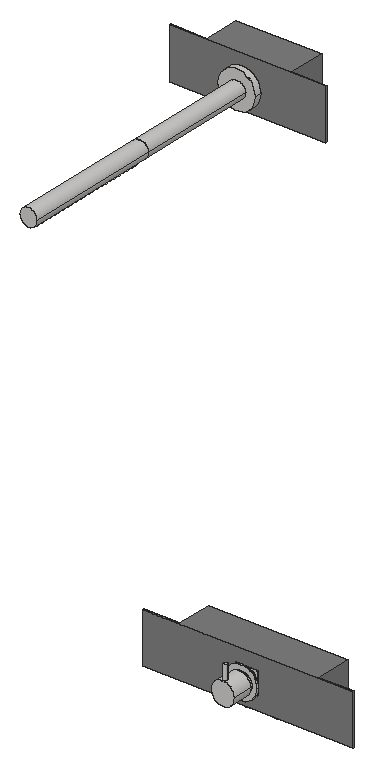
Revit family "2281ST", category Plumbing Fixtures, Revit 2021
Family settings
  Round Connector Dimension = Use Diameter
  Part Type = Normal
  Work Plane-Based = No
  Always vertical = Yes
  Cut with Voids When Loaded = No
  Shared = No
  Room Calculation Point = No
Parameters
  e-mail = "info@vola.com"
  URL = "http://vola.com"
  Telephone = "+45 7023 5500"
  Shower Head Height = 2100.00 mm
  Quality management standard = "ISO 9001"
  Organisation no. / DUNS no. = "17531328"
  Occupational health and safety management standard = "ISO 18001"
  Mounting Instructions = "http://vola.com/service/producturl.ashx?name=2281ST"
  Model = "2281ST"
  Mixer Offset [instance] = 12.00 mm
  Mixer = yes
  Materials and components information = "http://vola.com/service/producturl.ashx?name=2281ST"
  Manufacturer = "VOLA A/S"
  Maintenance Instructions = "http://vola.com/service/producturl.ashx?name=2281ST"
  Handle Height = 1100.00 mm
  Guarantee = "2 years"
  Flow = "20,00 l/min"
  Environmental management standard = "ISO 14000"
  Default Elevation = 0.00 mm
  Connection - All relevant connections = "½\" for water connection"
  Approvals = "http://vola.com/service/producturl.ashx?name=2281ST"
Reference planes
  plane 1 "Center (Front/Back)": y = 0
  plane 2: z = 0
  plane 3 "Center (Left/Right)": x = 0
  plane 4 "Mixer plane": y = 12
  plane 5: z = 1100
  plane 6 "Wall Surface": y = 0
  plane 7: z = 2100
Forms (mm)
  Extrusion 1, solid, material "Stainless Steel", visible <- "Mixer"
    sketch origin (-21, 11.3, 1121) x (-1, 0, 0) y (0, 0, -1)
      loop
        circle (-21, 21) r 19.5
    from 0 to 11.3
  Extrusion 2, solid, material "Stainless Steel", visible <- "Mixer"
    sketch origin (16.5, 11.5, 2100) x (0, 0, 1) y (-1, 0, 0)
      loop
        circle (0, 16.5) r 16.5
    from 0 to 11.5
Dimensions and locks
  "Mixer Offset": plane 4 "Mixer plane" to plane 1 "Center (Front/Back)"
  "Handle Height": plane 5 to level
  "Shower Head Height": plane 7 to level
  aligned and locked: plane 2 to level
  aligned and locked: nested 3 to plane 4 "Mixer plane"
  aligned and locked: plane 1 "Center (Front/Back)" to nested 2
  aligned and locked: plane 1 "Center (Front/Back)" to Extrusion 1
  aligned and locked: plane 5 to nested 3
  aligned and locked: nested 4 to plane 5
  aligned and locked: plane 5 to nested 1  (x2)
  aligned and locked: plane 7 to nested 5
  aligned and locked: plane 7 to nested 2
  aligned and locked: Extrusion 2 to plane 6 "Wall Surface"
Automatic sketch dimensions
  Extrusion 1 sketch curve to nested 3 = 21.00 mm  (x2)
  radius of Extrusion 1 sketch curve = 19.50 mm
  radius of Extrusion 2 sketch curve to nested 5 = 0.00 mm
Nested families
  nested 1: "NR21" at (0, -2, 1100), type "NR21"
  nested 2: "080ST" at (0, 0, 2100), type "080ST"
  nested 3: "2200" at (0, 82.5, 1030), visible <- "Mixer", type "2200"
  nested 4: "2001" at (0, 0, 1100) x (1, 0, 0) z (0, -1, 0), type "2001"
  nested 5: "200M" at (0, 12, 2100) x (1, 0, 0) z (0, 1, 0), visible <- "Mixer", type "200M"
Connectors
  piping at (27, 57.5, 1030), diameter 28
    settings: on nested 3, index 3, connector inside diameter 1.10236", connector length 0.00 mm, flow factor 0, pipe flow 0 GPM, pressure drop 0.00 psi, fitting loss kfactor 0, connector angle 0.00°, fixture units 0, engagement length 0.00 mm, angle of deflection 0.00°, flow configuration 0, flow direction 1, fitting loss method 0, system type 20, joint type 0, gender type 0, connector reference index -1, connector utility 0, adjustable connector no, is connector primary yes, connector description ""
  piping at (-27, 57.5, 1030), diameter 28
    settings: on nested 3, index 4, connector inside diameter 1.10236", connector length 0.00 mm, flow factor 0, pipe flow 0 GPM, pressure drop 0.00 psi, fitting loss kfactor 0, connector angle 0.00°, fixture units 0, engagement length 0.00 mm, angle of deflection 0.00°, flow configuration 0, flow direction 1, fitting loss method 0, system type 19, joint type 0, gender type 0, connector reference index -1, connector utility 0, adjustable connector no, is connector primary no, connector description ""
Definition of nested family "NR21"
  Parameters
    e-mail = "info@vola.com"
    URL = "http://vola.com"
    Telephone = "+45 7023 5500"
    Quality management standard = "ISO 9001"
    Organisation no. / DUNS no. = "17531328"
    Occupational health and safety management standard = "ISO 18001"
    Mounting Instructions = "http://vola.com/service/producturl.ashx?name=NR21"
    Model = "NR21"
    Materials and components information = "http://vola.com/service/producturl.ashx?name=NR21"
    Manufacturer = "VOLA A/S"
    Maintenance Instructions = "http://vola.com/service/producturl.ashx?name=NR21"
    Guarantee = "2 years"
    Environmental management standard = "ISO 14000"
    Default Elevation = 0.00 mm
    Connection - All relevant connections = ""
    Approvals = "http://vola.com/service/producturl.ashx?name=NR21"
  Reference planes
    plane 1 "Center (Front/Back)": y = 0
    plane 2: z = 0
    plane 3 "Center (Left/Right)": x = 0
  Forms (mm)
    Extrusion 1, solid
      sketch origin (0, 0, 0) x (1, 0, 0) y (0, 0, 1)
        loop
          circle (0, 0) r 21.5
      from 5 to 42.5
    Extrusion 2, solid
      sketch origin (0, -2, 0) x (0, -1, 0) y (1, 0, 0)
        loop
          circle (34.5, 0) r 3.5
      from 0 to 47.5
    Extrusion 3, solid
      sketch origin (0, 0, 0) x (1, 0, 0) y (0, 0, 1)
        loop
          circle (0, 0) r 20
      from 0 to 5
  Cuts and joins
    joined: Extrusion 1, Extrusion 2
  Lines and regions (mm)
    model lines
      curve 1: line (-6.05, -42.5, 20.663) -> (-6.05, -42.5, -20.663)
      curve 2: line (6.05, -42.5, 20.663) -> (6.05, -42.5, -20.663)
  Dimensions and locks
    aligned and locked: plane 2 to level
Definition of nested family "080ST"
  Parameters
    e-mail = "info@vola.com"
    URL = "http://vola.com"
    Telephone = "+45 7023 5500"
    Quality management standard = "ISO 9001"
    Organisation no. / DUNS no. = "17531328"
    Occupational health and safety management standard = "ISO 18001"
    Mounting Instructions = "http://vola.com/service/producturl.ashx?name=080ST"
    Model = "080ST"
    Materials and components information = "http://vola.com/service/producturl.ashx?name=080ST"
    Manufacturer = "VOLA A/S"
    Maintenance Instructions = "http://vola.com/service/producturl.ashx?name=080ST"
    Guarantee = "2 years"
    Flow = "25,00 l/min"
    Environmental management standard = "ISO 14000"
    Default Elevation = 0.00 mm
    Connection - All relevant connections = ""
    Approvals = "http://vola.com/service/producturl.ashx?name=080ST"
  Reference planes
    plane 1 "Center (Front/Back)": y = 0
    plane 2: z = 0
    plane 3 "Center (Left/Right)": x = 0
    plane 4: through (-9.509, -512.837, -14.371) normal (0.5, 0, 0.866)
    plane 5: through (-5.466, -512.837, -16.342) normal (0.2588, 0, 0.9659)
    plane 6: z = -17.2
    plane 7: through (-9.058, -512.837, -13.189) normal (0.866, 0, -0.5)
    plane 8: through (-5.336, -512.837, -15.084) normal (0.9659, 0, -0.2588)
  Forms (mm)
    Extrusion 1, solid
      sketch origin (0, 0, 0) x (1, 0, 0) y (0, 0, 1)
        loop
          circle (0, 0) r 35
      from 0 to 12
    Extrusion 2, solid
      sketch origin (0, -12, 0) x (1, 0, 0) y (0, 0, 1)
        loop
          circle (0, 0) r 16
      from 0 to 228
    Extrusion 3, solid
      sketch origin (0, -240, 0) x (1, 0, 0) y (0, 0, 1)
        loop
          circle (0, 0) r 16
      from 0 to 260
    Extrusion 4, solid
      sketch origin (-9.509, -501.837, -14.371) x (-0.866025, 0, 0.5) y (0, -1, 0)
        loop
          circle (-1.05, -12.837) r 1.25
        loop
          circle (-1.05, -22.837) r 1.25
        loop
          circle (-1.05, -32.837) r 1.25
        loop
          circle (-1.05, -42.837) r 1.25
        loop
          circle (-1.05, -52.837) r 1.25
        loop
          circle (-1.05, -62.837) r 1.25
        loop
          circle (-1.05, -72.837) r 1.25
        loop
          circle (-1.05, -82.837) r 1.25
        loop
          circle (-1.05, -92.837) r 1.25
        loop
          circle (-1.05, -102.837) r 1.25
        loop
          circle (-1.05, -112.837) r 1.25
        loop
          circle (-1.05, -122.837) r 1.25
        loop
          circle (-1.05, -132.837) r 1.25
        loop
          circle (-1.05, -142.837) r 1.25
        loop
          circle (-1.05, -152.837) r 1.25
        loop
          circle (-1.05, -162.837) r 1.25
        loop
          circle (-1.05, -172.837) r 1.25
        loop
          circle (-1.05, -182.837) r 1.25
        loop
          circle (-1.05, -192.837) r 1.25
        loop
          circle (-1.05, -202.837) r 1.25
        loop
          circle (-1.05, -212.837) r 1.25
        loop
          circle (-1.05, -222.837) r 1.25
        loop
          circle (-1.05, -232.837) r 1.25
        loop
          circle (-1.05, -242.837) r 1.25
      from 0 to 2
    Extrusion 5, solid
      sketch origin (-5.466, -501.837, -16.342) x (-0.965926, 0, 0.258819) y (0, -1, 0)
        loop
          circle (-1.05, -12.837) r 1.25
        loop
          circle (-1.05, -22.837) r 1.25
        loop
          circle (-1.05, -32.837) r 1.25
        loop
          circle (-1.05, -42.837) r 1.25
        loop
          circle (-1.05, -52.837) r 1.25
        loop
          circle (-1.05, -62.837) r 1.25
        loop
          circle (-1.05, -72.837) r 1.25
        loop
          circle (-1.05, -82.837) r 1.25
        loop
          circle (-1.05, -92.837) r 1.25
        loop
          circle (-1.05, -102.837) r 1.25
        loop
          circle (-1.05, -112.837) r 1.25
        loop
          circle (-1.05, -122.837) r 1.25
        loop
          circle (-1.05, -132.837) r 1.25
        loop
          circle (-1.05, -142.837) r 1.25
        loop
          circle (-1.05, -152.837) r 1.25
        loop
          circle (-1.05, -162.837) r 1.25
        loop
          circle (-1.05, -172.837) r 1.25
        loop
          circle (-1.05, -182.837) r 1.25
        loop
          circle (-1.05, -192.837) r 1.25
        loop
          circle (-1.05, -202.837) r 1.25
        loop
          circle (-1.05, -212.837) r 1.25
        loop
          circle (-1.05, -222.837) r 1.25
        loop
          circle (-1.05, -232.837) r 1.25
        loop
          circle (-1.05, -242.837) r 1.25
      from 0 to 2
    Extrusion 6, solid
      sketch origin (-1.05, -501.837, -17.2) x (-1, 0, 0) y (0, -1, 0)
        loop
          circle (-1.05, -12.837) r 1.25
        loop
          circle (-1.05, -22.837) r 1.25
        loop
          circle (-1.05, -32.837) r 1.25
        loop
          circle (-1.05, -42.837) r 1.25
        loop
          circle (-1.05, -52.837) r 1.25
        loop
          circle (-1.05, -62.837) r 1.25
        loop
          circle (-1.05, -72.837) r 1.25
        loop
          circle (-1.05, -82.837) r 1.25
        loop
          circle (-1.05, -92.837) r 1.25
        loop
          circle (-1.05, -102.837) r 1.25
        loop
          circle (-1.05, -112.837) r 1.25
        loop
          circle (-1.05, -122.837) r 1.25
        loop
          circle (-1.05, -132.837) r 1.25
        loop
          circle (-1.05, -142.837) r 1.25
        loop
          circle (-1.05, -152.837) r 1.25
        loop
          circle (-1.05, -162.837) r 1.25
        loop
          circle (-1.05, -172.837) r 1.25
        loop
          circle (-1.05, -182.837) r 1.25
        loop
          circle (-1.05, -192.837) r 1.25
        loop
          circle (-1.05, -202.837) r 1.25
        loop
          circle (-1.05, -212.837) r 1.25
        loop
          circle (-1.05, -222.837) r 1.25
        loop
          circle (-1.05, -232.837) r 1.25
        loop
          circle (-1.05, -242.837) r 1.25
      from 0 to 2
    Extrusion 7, solid
      sketch origin (9.509, -501.837, -14.371) x (0.866025, 0, 0.5) y (0, 1, 0)
        loop
          circle (-1.05, 12.837) r 1.25
        loop
          circle (-1.05, 22.837) r 1.25
        loop
          circle (-1.05, 32.837) r 1.25
        loop
          circle (-1.05, 42.837) r 1.25
        loop
          circle (-1.05, 52.837) r 1.25
        loop
          circle (-1.05, 62.837) r 1.25
        loop
          circle (-1.05, 72.837) r 1.25
        loop
          circle (-1.05, 82.837) r 1.25
        loop
          circle (-1.05, 92.837) r 1.25
        loop
          circle (-1.05, 102.837) r 1.25
        loop
          circle (-1.05, 112.837) r 1.25
        loop
          circle (-1.05, 122.837) r 1.25
        loop
          circle (-1.05, 132.837) r 1.25
        loop
          circle (-1.05, 142.837) r 1.25
        loop
          circle (-1.05, 152.837) r 1.25
        loop
          circle (-1.05, 162.837) r 1.25
        loop
          circle (-1.05, 172.837) r 1.25
        loop
          circle (-1.05, 182.837) r 1.25
        loop
          circle (-1.05, 192.837) r 1.25
        loop
          circle (-1.05, 202.837) r 1.25
        loop
          circle (-1.05, 212.837) r 1.25
        loop
          circle (-1.05, 222.837) r 1.25
        loop
          circle (-1.05, 232.837) r 1.25
        loop
          circle (-1.05, 242.837) r 1.25
      from 0 to 2
    Extrusion 8, solid
      sketch origin (5.466, -501.837, -16.342) x (0.965926, 0, 0.258819) y (0, 1, 0)
        loop
          circle (-1.05, 12.837) r 1.25
        loop
          circle (-1.05, 22.837) r 1.25
        loop
          circle (-1.05, 32.837) r 1.25
        loop
          circle (-1.05, 42.837) r 1.25
        loop
          circle (-1.05, 52.837) r 1.25
        loop
          circle (-1.05, 62.837) r 1.25
        loop
          circle (-1.05, 72.837) r 1.25
        loop
          circle (-1.05, 82.837) r 1.25
        loop
          circle (-1.05, 92.837) r 1.25
        loop
          circle (-1.05, 102.837) r 1.25
        loop
          circle (-1.05, 112.837) r 1.25
        loop
          circle (-1.05, 122.837) r 1.25
        loop
          circle (-1.05, 132.837) r 1.25
        loop
          circle (-1.05, 142.837) r 1.25
        loop
          circle (-1.05, 152.837) r 1.25
        loop
          circle (-1.05, 162.837) r 1.25
        loop
          circle (-1.05, 172.837) r 1.25
        loop
          circle (-1.05, 182.837) r 1.25
        loop
          circle (-1.05, 192.837) r 1.25
        loop
          circle (-1.05, 202.837) r 1.25
        loop
          circle (-1.05, 212.837) r 1.25
        loop
          circle (-1.05, 222.837) r 1.25
        loop
          circle (-1.05, 232.837) r 1.25
        loop
          circle (-1.05, 242.837) r 1.25
      from 0 to 2
  Cuts and joins
    joined: Extrusion 3, Extrusion 4, Extrusion 5, Extrusion 6, Extrusion 7, Extrusion 8
  Dimensions and locks
    aligned and locked: plane 2 to level
Definition of nested family "2200"
  Parameters
    e-mail = "info@vola.com"
    URL = "http://vola.com"
    Telephone = "+45 7023 5500"
    Quality management standard = "ISO 9001"
    Organisation no. / DUNS no. = "17531328"
    Occupational health and safety management standard = "ISO 18001"
    Mounting Instructions = "http://vola.com/service/producturl.ashx?name=2200"
    Model = "2200"
    Materials and components information = "http://vola.com/service/producturl.ashx?name=2200"
    Manufacturer = "VOLA A/S"
    Maintenance Instructions = "http://vola.com/service/producturl.ashx?name=2200"
    Guarantee = "2 years"
    Flow = "25,00 l/min"
    Environmental management standard = "ISO 14000"
    Default Elevation = 0.00 mm
    Connection - All relevant connections = ""
    Approvals = "http://vola.com/service/producturl.ashx?name=2200"
  Reference planes
    plane 1 "Center (Front/Back)": y = 0
    plane 2: z = 0
    plane 3 "Center (Left/Right)": x = 0
    plane 4 "Front Plane": y = -72.5
    plane 5 "Inlet Center Plane": y = -25
    plane 6: z = 70
  Forms (mm)
    Extrusion 1, solid
      sketch origin (1071.5, -2.5, 1) x (-1, 0, 0) y (0, 0, -1)
        loop
          line (1092.5, -90) -> (1092.5, -48) -> (1050.5, -48) -> (1050.5, -90) -> (1092.5, -90)
      from 68 to 68.7
    Extrusion 2, solid
      sketch origin (0, 0, 1) x (1, 0, 0) y (0, 1, 0)
        loop
          line (-127.5, 0) -> (-127.5, -68) -> (132.5, -68) -> (132.5, 0) -> (-127.5, 0)
      from 21.5 to 116.5
    Extrusion 3, solid
      sketch origin (0, 0, 22.5) x (0, 1, 0) y (1, 0, 0)
        loop
          circle (-25, 27) r 14
      from 0 to 22.5
    Extrusion 4, solid
      sketch origin (-54, 0, 22.5) x (0, 1, 0) y (1, 0, 0)
        loop
          circle (-25, 27) r 14
      from 0 to 22.5
    Extrusion 5, solid
      sketch origin (0, 0, 0) x (1, 0, 0) y (0, 1, 0)
        loop
          line (-195, -68) -> (-195, -70.5) -> (197.5, -70.5) -> (197.5, -68) -> (-195, -68)
      from 22.5 to 117.5
  Cuts and joins
    joined: Extrusion 2, Extrusion 5
  Lines and regions (mm)
    reference lines
      curve 1: line (0, -25, 70) -> (0, -122.5, 70)
      curve 2: line (-27, -25, 70) -> (-27, -25, -29)
      curve 3: line (27, -25, 70) -> (27, -25, -29)
      curve 4: line (0, -25, 70) -> (0, -25, 169)
  Dimensions and locks
    aligned and locked: plane 2 to level
    aligned and locked: plane 6 to curve 3
    aligned and locked: plane 6 to curve 2
    aligned and locked: Extrusion 2 to Extrusion 5
    aligned and locked: Extrusion 5 to Extrusion 2
Definition of nested family "2001"
  Parameters
    e-mail = "info@vola.com"
    URL = "http://vola.com"
    Telephone = "+45 7023 5500"
    Quality management standard = "ISO 9001"
    Organisation no. / DUNS no. = "17531328"
    Occupational health and safety management standard = "ISO 18001"
    Mounting Instructions = "http://vola.com/service/producturl.ashx?name=2001"
    Model = "2001"
    Materials and components information = "http://vola.com/service/producturl.ashx?name=2001"
    Manufacturer = "VOLA A/S"
    Maintenance Instructions = "http://vola.com/service/producturl.ashx?name=2001"
    Guarantee = "2 years"
    Environmental management standard = "ISO 14000"
    Default Elevation = 1219.20 mm
    Connection - All relevant connections = ""
    Approvals = "http://vola.com/service/producturl.ashx?name=2001"
  Reference planes
    plane 1 "Center (Front/Back)": y = 0
    plane 2: z = 0
    plane 3 "Center (Left/Right)": x = 0
  Forms (mm)
    Extrusion 1, solid
      sketch origin (0, 0, 0) x (1, 0, 0) y (0, 1, 0)
        loop
          circle (0, 0) r 19.5
        loop
          circle (0, 0) r 30
      from 0 to 2
  Dimensions and locks
    aligned and locked: plane 2 to level
Definition of nested family "200M"
  Parameters
    e-mail = "info@vola.com"
    URL = "http://vola.com"
    Telephone = "+45 7023 5500"
    Quality management standard = "ISO 9001"
    Organisation no. / DUNS no. = "17531328"
    Occupational health and safety management standard = "ISO 18001"
    Mounting Instructions = "http://vola.com/service/producturl.ashx?name=200M"
    Model = "200M"
    Materials and components information = "http://vola.com/service/producturl.ashx?name=200M"
    Manufacturer = "VOLA A/S"
    Maintenance Instructions = "http://vola.com/service/producturl.ashx?name=200M"
    Guarantee = "2 years"
    Environmental management standard = "ISO 14000"
    Default Elevation = 1219.20 mm
    Connection - All relevant connections = ""
    Approvals = "http://vola.com/service/producturl.ashx?name=200M"
  Reference planes
    plane 1 "Center (Front/Back)": y = 0
    plane 2: z = 0
    plane 3 "Center (Left/Right)": x = 0
  Forms (mm)
    Extrusion 1, solid
      sketch origin (0, 69, 70.5) x (1, 0, 0) y (0, 0, 1)
        loop
          line (-77.5, 1) -> (-77.5, -68) -> (82.5, -68) -> (82.5, 1) -> (-77.5, 1)
      from 21.5 to 116.5
    Extrusion 2, solid
      sketch origin (0, 69, 70.5) x (1, 0, 0) y (0, 0, 1)
        loop
          line (-145, -68) -> (-145, -70.5) -> (147.5, -70.5) -> (147.5, -68) -> (-145, -68)
      from 21.5 to 116.5
    Extrusion 3, solid
      sketch origin (1071.5, 69, 68) x (0, 1, 0) y (1, 0, 0)
        loop
          circle (-69, -1071.5) r 16.5
      from 68 to 68.5
  Cuts and joins
    joined: Extrusion 1, Extrusion 2
  Lines and regions (mm)
    reference lines
      curve 1: line (0, 0, -0.5) -> (0, 0, -20.5)
      curve 2: line (0, 0, 27.5) -> (0, -99, 27.5)
      curve 3: line (0, 0, 38) -> (0, 99, 38)
  Dimensions and locks
    aligned and locked: plane 2 to level
    aligned and locked: Extrusion 2 to Extrusion 1  (x2)
